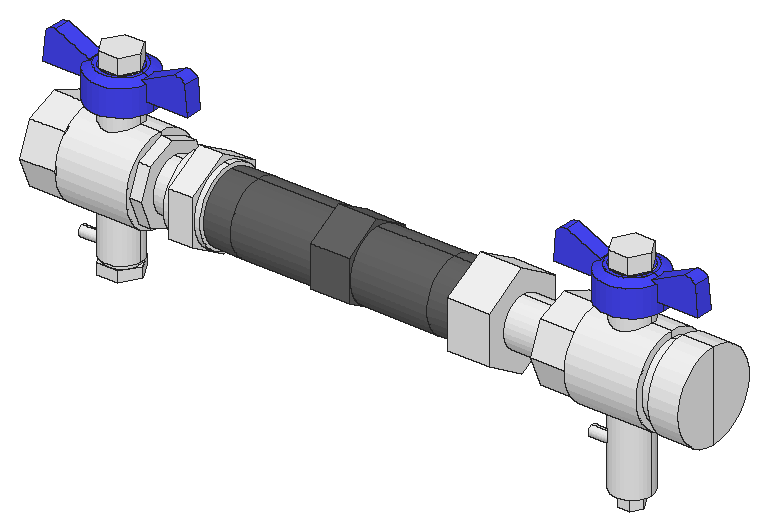
Revit family "AB-PM_DN15-25_Horizontal_Part B_RFA_1", category Pipe Accessories, Revit 2019
Family settings
  Round Connector Dimension = Use Diameter
  Part Type = Valve - Breaks Into
  OmniClass Number = 23.65.55.14.17
  OmniClass Title = Adjusting/Controlling Valves for Liquid Services
  Work Plane-Based = No
  Always vertical = No
  Cut with Voids When Loaded = No
  Shared = No
Parameters (values of type "AB-PM_DN15_Horizontal_Part B_003Z1476")
  h31 = 58.600 mm
  h3 = 90.100 mm
  h2 = 97.000 mm
  h1 = 68.000 mm
  Weight = 1.55 kg
  URL = "https://store.danfoss.com/en/Climate-Solutions-for-heating/Hydronic-Balancing-and-Control/Differential-Pressure-Control/Differential-Pressure-Controllers/AB-PM/c/11379?q=%3Arelevance%3Adanfoss_producttypehierarchydesc%3A5ca1ec32165693eab7b9a66f5b60ef1fc8cf0755&page=0&pageSize=20"
  Stroke = "2.25 mm"
  Replacement piece = Replacement piece : 15
  Pressure Drop [instance] = 0.0 Pa
  Nominal Pressure = "PN 16"  # constant formula
  Nominal Flow (Text) = "300 l/h"
  Nominal Flow = 0.3 m³/h
  Model Type = "AB-PM_DN15_Horizontal_Part B"
  Model = "003Z1476"
  Min Medium Temperature = "-10 °C"  # constant formula
  Min Differential Pressure = "18 kPa"
  Max Pressure at Zero Load = "22 kPa"
  Max Medium Temperature = "120 °C"  # constant formula
  Max Differential Pressure = "400 kPa"  # constant formula
  Manufacturer = "Danfoss"  # constant formula
  LOD 350 = not(LOD 200)  # yes
  LOD 200 = no
  L = h1 + h2 + h3  # 255.100 mm
  IfcExportType = "AB-PM"  # constant formula
  IfcExportAs = "IfcValveType"  # constant formula
  H = 89.700 mm
  Flow [instance] = 0.0 m³/h
  Disable Notification [instance] = yes
  Description = "Automatic Balancing Valve (Connection set)"  # constant formula
  DN out = 25.000 mm  # constant formula
  DN = 20 mm
  D = DN  # 20.000 mm
  Body Material = Danfoss Nickel Plated Brass
  Ball valve type 2 = Valve_2 : DN_15
  Ball valve type = Valve_H_B : DN_15
Reference planes
  plane 1 "Center (Front/Back)": y = 0
  plane 2: z = 0
  plane 3 "Center (Left/Right)": x = 0
  plane 4 "01": x = 68
  plane 5 "02": x = 165
  plane 6 "03": x = 255.1
Lines and regions (mm)
  reference lines
    curve 1: line (0, 0, 0) -> (255.1, 0, 0)
Dimensions and locks
  "h1": plane 4 "01" to plane 3 "Center (Left/Right)"
  "h2": plane 5 "02" to plane 4 "01"
  "h3": plane 6 "03" to plane 5 "02"
  "h31": nested 3 to plane 5 "02"
  aligned and locked: level to plane 2
  aligned and locked: nested 1 to level
  aligned and locked: plane 3 "Center (Left/Right)" to curve 1
  aligned and locked: plane 6 "03" to curve 1
  aligned and locked: plane 1 "Center (Front/Back)" to curve 1
  aligned and locked: nested 2 to plane 1 "Center (Front/Back)"
  aligned and locked: level to nested 2
  aligned and locked: nested 1 to plane 3 "Center (Left/Right)"
Nested families
  nested 1: "Valve_H_B" at (26, 0, 0) x (-1, 0, 0) z (0, 1, 0), Ball valve <- "Body Material", type <- "Ball valve type", LOD 200 <- "LOD 200", type "DN_15"
    with LOD 350 yes, LOD 200 no, Ball valve handle Danfoss Plastic Blue, Ball valve Danfoss Nickel Plated Brass
  nested 2: "Replacement piece" at (68, 0, 0) x (0, 0, 1) z (1, 0, 0), LOD 200 <- "LOD 200", type <- "Replacement piece", type "15"
    with LOD 350 yes, LOD 200 no, h4 42.000 mm, h5 11.000 mm, h3 87.000 mm, h2 97.000 mm, h1 15.000 mm, a3 27.000 mm, a2 13.400 mm, a1 13.221 mm
  nested 3: "Valve_2" at (223.6, 0, 0) x (1, 0, 0) z (0, -1, 0), type <- "Ball valve type 2", Ball valve <- "Body Material", LOD 200 <- "LOD 200", type "DN_15"
    with LOD 350 yes, LOD 200 no, Ball valve handle Danfoss Plastic Blue, Ball valve Danfoss Nickel Plated Brass
Connectors
  piping at (0, 0, 0), diameter 20, driven by "D", driven by "Flow", driven by "Pressure Drop"
    settings: on curve 1, index 1, connector inside diameter 609.6 mm, connector length 0.000 mm, flow factor 0, pipe flow 0.0 m³/h, pressure drop 0.0 Pa, fitting loss kfactor 0, connector angle 0.00°, fixture units 0, engagement length 0.000 mm, angle of deflection 0.00°, flow configuration 0, flow direction 2, fitting loss method 0, system type 8, joint type 0, gender type 0, connector reference index 2, connector utility 0, adjustable connector no, is connector primary yes, connector description ""
  piping at (255.1, 0, 0), diameter 25, driven by "DN out", driven by "Flow", driven by "Pressure Drop"
    settings: on curve 1, index 2, connector inside diameter 609.6 mm, connector length 0.000 mm, flow factor 0, pipe flow 0.0 m³/h, pressure drop 0.0 Pa, fitting loss kfactor 0, connector angle 0.00°, fixture units 0, engagement length 0.000 mm, angle of deflection 0.00°, flow configuration 0, flow direction 1, fitting loss method 0, system type 8, joint type 0, gender type 0, connector reference index 1, connector utility 0, adjustable connector no, is connector primary no, connector description ""
Definition of nested family "Valve_H_B"
  Parameters (values of type "DN_25")
    x = 0.000 mm
    r7 = 8.500 mm
    r6 = 13.000 mm
    r5 = 18.000 mm
    r4 = 15.500 mm
    r3 = 9.000 mm
    r2 = 14.300 mm
    r1 = 7.500 mm
    l4 = 12.200 mm
    l3 = 24.500 mm
    l2 = 11.650 mm
    l1 = 15.750 mm
    Valve_Handle_Type = Valve_Handle_H_B : 25
    Nar5 = 18.750 mm
    Nah6 = 5.000 mm
    Nah52 = 10.000 mm
    Nah4 = 3.500 mm
    Nah3 = 6.800 mm
    Nah2 = 17.000 mm
    Nah51 = 4.000 mm
    Na6 = 32.000 mm
    Na5 = 37.500 mm
    Na4 = 14.000 mm
    Na3 = 13.000 mm
    Na2 = 37.000 mm
    LOD 350 [instance] = not(LOD 200)  # yes
    LOD 200 [instance] = no
    L11 = 14.100 mm
    L1 = 62.600 mm
    H1 = 42.000 mm
    Default Elevation = 1219.200 mm
    D1 = 15.000 mm  # constant formula
    Ball valve handle [instance] = none
    Ball valve [instance] = none
  Types (3, lengths in mm): name | x | r7 | r6 | r5 | r4 | r2 | l3 | l2 | l1 | Valve_Handle_Type | Nar5 | Nah52 | Nah4 | Nah3 | Nah2 | Nah51 | Na6 | Na5 | Na2 | L11 | L1 | H1
    DN_15 | 4.000 | 9.800 | 12.500 | 16.500 | 10.000 | 12.500 | 22.600 | 12.900 | 15.000 | Valve_Handle_H_B : 15 | 14.500 | 9.100 | 4.000 | 5.800 | 13.500 | 2.500 | 28.000 | 30.000 | 30.488 | 8.000 | 60.000 | 26.400
    DN_20 | 1.500 | 9.800 | 12.500 | 16.500 | 12.700 | 12.500 | 22.629 | 12.400 | 15.500 | Valve_Handle_H_B : 20 | 14.500 | 9.100 | 4.000 | 5.800 | 13.500 | 2.500 | 28.000 | 30.000 | 30.488 | 13.000 | 55.000 | 34.600
    DN_25 | 0.000 | 8.500 | 13.000 | 18.000 | 15.500 | 14.300 | 24.500 | 11.650 | 15.750 | Valve_Handle_H_B : 25 | 18.750 | 10.000 | 3.500 | 6.800 | 17.000 | 4.000 | 32.000 | 37.500 | 37.000 | 14.100 | 62.600 | 42.000
  Reference planes
    plane 1 "Center (Front/Back)": y = 0
    plane 2: z = 0
    plane 3 "Center (Left/Right)": x = 0
    plane 4 "001": x = 14.3
    plane 5 "004": x = -27.4
    plane 6 "002": y = -36.8
    plane 7 "valve handle": y = 24.5
    plane 8 "003": y = 36.7
    plane 9 "005": x = -15.75
    plane 10 "006": x = 13
  Forms (mm)
    Revolve 1, solid, material <- "Ball valve", visible <- "LOD 350", detail levels fine
      sketch origin (0, 0, 0) x (1, 0, 0) y (0, 1, 0)
        loop
          line (0, 36.7) -> (0, -33.3) -> (6.5, -33.3) -> (6.5, -31.3) -> (7.5, -31.3) -> (7.5, 36.7) -> (0, 36.7)
        axis (0, -33.3) -> (0, 36.7)
      angle from 0 to 360
    Revolve 2, solid, material <- "Ball valve", visible <- "LOD 350", detail levels fine
      sketch origin (0, 0, 0) x (1, 0, 0) y (0, 1, 0)
        loop
          line (-27.4, 15.5) -> (-27.4, 0) -> (14.3, 0) -> (14.3, 18) -> (-15.75, 18) -> (-15.75, 15.5) -> (-27.4, 15.5)
        axis (-27.4, 0) -> (14.3, 0)
      angle from 0 to 360
    Revolve 3, solid, material <- "Ball valve", visible <- "LOD 200", detail levels fine
      sketch origin (0, 0, 0) x (1, 0, 0) y (0, 1, 0)
        loop
          line (0, -36.8) -> (7.5, -36.8) -> (7.5, 36.7) -> (0, 36.7) -> (0, -36.8)
        axis (0, 36.7) -> (0, -36.8)
      angle from 0 to 360
    Revolve 4, solid, material <- "Ball valve", visible <- "LOD 200", detail levels fine
      sketch origin (0, 0, 0) x (1, 0, 0) y (0, 1, 0)
        loop
          line (14.3, 18) -> (-15.75, 18) -> (-15.75, 15.5) -> (-27.4, 15.5) -> (-27.4, 0) -> (14.3, 0) -> (14.3, 18)
        axis (14.3, 0) -> (-27.4, 0)
      angle from 0 to 360
    Revolve 5, solid, material <- "Ball valve", visible <- "LOD 350", detail levels fine
      sketch origin (0, 0, 0) x (1, 0, 0) y (0, 1, 0)
        loop
          line (15, -28.302) -> (15, -26.3) -> (0, -26.3) -> (0, -28.302) -> (15, -28.302)
        axis (0, -28.302) -> (15, -28.302)
      angle from 0 to 360
  Cuts and joins
    joined: Revolve 1, Revolve 2, Revolve 5
    joined: Revolve 3, Revolve 4
  Dimensions and locks
    "r1": plane 3 "Center (Left/Right)" to Revolve 1 sketch curve
    "l3": plane 1 "Center (Front/Back)" to plane 7 "valve handle"
    plane 6 "002" to Revolve 1 sketch curve = 3.500 mm
    plane 6 "002" to Revolve 1 sketch curve = 5.500 mm
    locked: Revolve 1 sketch curve to Revolve 1 sketch curve at 1
    "l4": plane 7 "valve handle" to plane 8 "003"
    "r5": plane 1 "Center (Front/Back)" to Revolve 2 sketch curve
    "r4": plane 1 "Center (Front/Back)" to Revolve 2 sketch curve
    "r2": plane 3 "Center (Left/Right)" to plane 4 "001"
    "l1": plane 9 "005" to plane 3 "Center (Left/Right)"
    "r5": plane 1 "Center (Front/Back)" to Revolve 4 sketch curve
    "r4": Revolve 4 sketch curve to plane 1 "Center (Front/Back)"
    "l2": plane 5 "004" to plane 9 "005"
    "r6": plane 3 "Center (Left/Right)" to plane 10 "006"
    "r1": plane 3 "Center (Left/Right)" to Revolve 3 sketch curve
    locked: plane 3 "Center (Left/Right)" to Revolve 5 sketch curve at 15
    plane 6 "002" to Revolve 5 sketch curve to Revolve 5 sketch curve = 8.498 mm locked, 2.002 mm locked
    "x": nested 6 to plane 3 "Center (Left/Right)"
    aligned and locked: level to plane 2
    aligned and locked: level to nested 1
    aligned and locked: nested 1 to plane 1 "Center (Front/Back)"
    aligned and locked: plane 3 "Center (Left/Right)" to nested 3
    aligned and locked: level to nested 3
    aligned and locked: plane 3 "Center (Left/Right)" to nested 2
    aligned and locked: plane 6 "002" to nested 2
    aligned and locked: level to nested 2
    aligned and locked: plane 1 "Center (Front/Back)" to nested 4
    aligned and locked: nested 4 to plane 2
    aligned and locked: nested 5 to plane 1 "Center (Front/Back)"
    aligned and locked: nested 5 to plane 2
    aligned and locked: Revolve 3 sketch curve to plane 3 "Center (Left/Right)"  (x2)
    aligned and locked: plane 6 "002" to Revolve 3 sketch curve
    aligned and locked: Revolve 3 sketch curve to plane 8 "003"
    aligned and locked: Revolve 4 sketch curve to plane 1 "Center (Front/Back)"
    aligned and locked: plane 1 "Center (Front/Back)" to Revolve 4 sketch curve
    aligned and locked: Revolve 4 sketch curve to plane 4 "001"
    aligned and locked: plane 5 "004" to Revolve 4 sketch curve
    aligned and locked: Revolve 4 sketch curve to plane 9 "005"
    aligned and locked: plane 3 "Center (Left/Right)" to Revolve 5 sketch curve
    aligned and locked: plane 1 "Center (Front/Back)" to nested 6
    aligned and locked: plane 3 "Center (Left/Right)" to nested 7
    aligned and locked: level to nested 7
  Automatic sketch dimensions
    Revolve 5 sketch curve to Revolve 5 sketch curve = 0.000 mm  (x2)
    Revolve 5 sketch curve to Revolve 5 sketch curve = 3.500 mm
    Revolve 1 sketch curve to plane 3 "Center (Left/Right)" = 0.000 mm  (x2)
    plane 8 "003" to Revolve 1 sketch curve = 0.000 mm
    Revolve 1 sketch curve to Revolve 1 sketch curve = 37.300 mm
    Revolve 1 sketch curve to Revolve 1 sketch curve = 9.000 mm
    Revolve 2 sketch curve to plane 5 "004" = 0.000 mm
    Revolve 2 sketch curve to plane 9 "005" = 0.000 mm
    Revolve 2 sketch curve to plane 4 "001" = 0.000 mm
    plane 1 "Center (Front/Back)" to Revolve 2 sketch curve = 0.000 mm  (x2)
    Revolve 2 sketch curve to Revolve 2 sketch curve = 49.800 mm
    Revolve 2 sketch curve to Revolve 2 sketch curve = 7.000 mm
    Revolve 3 sketch curve to Revolve 3 sketch curve = 33.000 mm
    Revolve 3 sketch curve to Revolve 3 sketch curve = 6.000 mm
    Revolve 4 sketch curve to plane 4 "001" = 63.800 mm
    Revolve 4 sketch curve to Revolve 4 sketch curve = 6.000 mm
  Nested families
    nested 1: "Nut_8" at (14.3, 0, 0) x (0, 0, 1) z (1, 0, 0), h <- "Nah2", a <- "Na2", Material <- "Ball valve", type "Nut_8", detail levels fine
      with h 17.000 mm, a 37.000 mm, Material none
    nested 2: "Nut_6" at (0, -36.8, 0) x (1, 0, 0) z (0, 1, 0), h <- "Nah4", a <- "Na4", visible <- "LOD 350", Material <- "Ball valve", type "Nut_6", detail levels fine
      with h 3.500 mm, a 14.000 mm, Material none
    nested 3: "Nut_6" at (0, 36.7, 0) x (1, 0, 0) z (0, 1, 0), h <- "Nah3", a <- "Na3", Material <- "Ball valve", type "Nut_6", detail levels fine
      with h 6.800 mm, a 13.000 mm, Material none
    nested 4: "Nut_6_Rim" at (-27.4, 0, 0) x (0, -1, 0) z (-1, 0, 0), h1 <- "Nah51", h <- "Nah52", a <- "Na5", r <- "Nar5", Material <- "Ball valve", type "Nut_6_Rim", detail levels fine
      with r 18.750 mm, h1 4.000 mm, h 10.000 mm, a 37.500 mm, Material none
    nested 5: "Nut_8" at (-15.75, 0, 0) x (0, 1, 0) z (-1, 0, 0), h <- "Nah6", visible <- "LOD 350", a <- "Na6", Material <- "Ball valve", type "Nut_8", detail levels fine
      with h 5.000 mm, a 32.000 mm, Material none
    nested 6: "Schematic_Valve" at (0, 0, 0), D <- "D1", H <- "H1", L <- "L1", L1 <- "L11", type "Schematic_Valve"
      with L1 14.100 mm, L 62.600 mm, H 42.000 mm, D 15.000 mm
    nested 7: "Valve_Handle_H_B" at (0, 24.5, 0) x (1, 0, 0) z (0, 1, 0), Material <- "Ball valve handle", type <- "Valve_Handle_Type", LOD 200 <- "LOD 200", type "25"
      with Material none, LOD 350 yes, LOD 200 no, 25_350 yes, 25_200 no, 20_350 no, 20_200 no, 15_350 no, 15_200 no
  Definition of nested family "Nut_8"
    Parameters (values of type "Nut_8")
      h [instance] = 250.000 mm
      a [instance] = 244.000 mm
      Material [instance] = none
      Default Elevation = 1219.200 mm
    Reference planes
      plane 1 "Center (Front/Back)": y = 0
      plane 2: z = 0
      plane 3 "Center (Left/Right)": x = 0
      plane 4: through (-89.449, 215.949, 1200) normal (0.9239, 0.3827, 0)
      plane 5: through (215.949, 89.449, 1200) normal (0.3827, -0.9239, 0)
      plane 6: through (-215.949, 89.449, 1200) normal (0.3827, 0.9239, 0)
      plane 7: through (89.449, 215.949, 1200) normal (0.9239, -0.3827, 0)
    Forms (mm)
      Extrusion 1, solid, material <- "Material"
        sketch origin (0, 0, 0) x (1, 0, 0) y (0, 1, 0)
          loop
            line (0, 132.052) -> (-93.375, 93.375) -> (-132.052, 0) -> (-93.375, -93.375) -> (0, -132.052) -> (93.375, -93.375) -> (132.052, 0) -> (93.375, 93.375) -> (0, 132.052)
        from 0 to 250 <- "h"
    Dimensions and locks
      equal spacing: Extrusion 1 sketch curve, plane 4, Extrusion 1 sketch curve
      "a": Extrusion 1 sketch curve to Extrusion 1 sketch curve  (x4)
      equal spacing: Extrusion 1 sketch curve, plane 7, Extrusion 1 sketch curve
      equal spacing: Extrusion 1 sketch curve, plane 5, Extrusion 1 sketch curve
      equal spacing: Extrusion 1 sketch curve, plane 6, Extrusion 1 sketch curve
      aligned and locked: level to plane 2
  Definition of nested family "Nut_6"
    Parameters (values of type "Nut_6")
      h [instance] = 250.000 mm
      a [instance] = 13.000 mm
      Material [instance] = none
      Default Elevation = 1219.200 mm
    Reference planes
      plane 1 "Center (Front/Back)": y = 0
      plane 2: z = 0
      plane 3 "Center (Left/Right)": x = 0
      plane 4: through (-70.437, 122, 1200) normal (0.866, 0.5, 0)
      plane 5: through (70.437, 122, 1200) normal (0.866, -0.5, 0)
    Forms (mm)
      Extrusion 1, solid, material <- "Material"
        sketch origin (0, 0, 0) x (1, 0, 0) y (0, 1, 0)
          loop
            line (-3.753, 6.5) -> (-7.506, 0) -> (-3.753, -6.5) -> (3.753, -6.5) -> (7.506, 0) -> (3.753, 6.5) -> (-3.753, 6.5)
        from 0 to 250 <- "h"
    Dimensions and locks
      equal spacing: Extrusion 1 sketch curve, plane 4, Extrusion 1 sketch curve
      "a": Extrusion 1 sketch curve to Extrusion 1 sketch curve  (x3)
      equal spacing: Extrusion 1 sketch curve, plane 5, Extrusion 1 sketch curve
      equal spacing: Extrusion 1 sketch curve, plane 1 "Center (Front/Back)", Extrusion 1 sketch curve
      aligned and locked: level to plane 2
  Definition of nested family "Nut_6_Rim"
    Parameters (values of type "Nut_6_Rim")
      r [instance] = 4.000 mm
      h1 [instance] = 5.000 mm
      h [instance] = 18.265 mm
      a [instance] = 13.000 mm
      Material [instance] = none
      Default Elevation = 1219.200 mm
    Reference planes
      plane 1 "Center (Front/Back)": y = 0
      plane 2: z = 0
      plane 3 "Center (Left/Right)": x = 0
      plane 4: through (-70.437, 122, 1200) normal (0.866, 0.5, 0)
      plane 5: through (70.437, 122, 1200) normal (0.866, -0.5, 0)
      plane 6: z = 23.265
      plane 7: z = 28.265
      plane 8: z = 5
    Forms (mm)
      Extrusion 1, solid, material <- "Material"
        sketch origin (0, 0, 0) x (1, 0, 0) y (0, 1, 0)
          loop
            line (-3.753, 6.5) -> (-7.506, 0) -> (-3.753, -6.5) -> (3.753, -6.5) -> (7.506, 0) -> (3.753, 6.5) -> (-3.753, 6.5)
        from 5 to 23.265
      Extrusion 2, solid, material <- "Material"
        sketch origin (0, 0, 0) x (1, 0, 0) y (0, 1, 0)
          loop
            circle (0, 0) r 4
        from 0 to 28.265
    Cuts and joins
      joined: Extrusion 1, Extrusion 2
    Dimensions and locks
      equal spacing: Extrusion 1 sketch curve, plane 4, Extrusion 1 sketch curve
      "a": Extrusion 1 sketch curve to Extrusion 1 sketch curve  (x3)
      equal spacing: Extrusion 1 sketch curve, plane 5, Extrusion 1 sketch curve
      equal spacing: Extrusion 1 sketch curve, plane 1 "Center (Front/Back)", Extrusion 1 sketch curve
      "h1": plane 7 to plane 6
      "h": plane 6 to plane 8
      "h1": plane 8 to level
      "r": radius of Extrusion 2 sketch curve
      aligned and locked: level to plane 2
      aligned and locked: Extrusion 2 to plane 7
      aligned and locked: Extrusion 2 to level
      aligned and locked: plane 8 to Extrusion 1
      aligned and locked: Extrusion 1 to plane 6
    Automatic sketch dimensions
      plane 1 "Center (Front/Back)" to Extrusion 2 sketch curve = 0.000 mm
      Extrusion 2 sketch curve to plane 3 "Center (Left/Right)" = 0.000 mm
  Definition of nested family "Valve_Handle_H_B"
    Parameters (values of type "25")
      type = 25
      l1 = 12.300 mm
      h1 = 12.200 mm
      Material [instance] = none
      LOD 350 [instance] = not(LOD 200)  # no
      LOD 200 [instance] = yes
      Default Elevation = 1219.200 mm
      25_350 [instance] = and(LOD 350, type = 25)  # no
      25_200 [instance] = and(LOD 200, type = 25)  # yes
      20_350 [instance] = and(LOD 350, type = 20)  # no
      20_200 [instance] = and(LOD 200, type = 20)  # no
      15_350 [instance] = and(LOD 350, type = 15)  # no
      15_200 [instance] = and(LOD 200, type = 15)  # no
    Types (3, lengths in mm): name | type | LOD 350 | LOD 200 | 25_200 | 20_200 | 15_350
      15 | 15 | yes | no | no | no | yes
      20 | 20 | no | yes | no | yes | no
      25 | 25 | no | yes | yes | no | no
    Reference planes
      plane 1 "Center (Front/Back)": y = 0
      plane 2: z = 0
      plane 3 "Center (Left/Right)": x = 0
    Forms (mm)
      Revolve 1, solid, material <- "Material", visible <- "LOD 200", detail levels fine
        sketch origin (0, 0, 0) x (1, 0, 0) y (0, 0, 1)
          loop
            line (0, 12.2) -> (-12.3, 12.2) -> (-12.3, 0) -> (0, 0) -> (0, 12.2)
          axis (0, 0) -> (0, 12.2)
        angle from 0 to 360
      Revolve 2, solid, material <- "Material", visible <- "LOD 350", detail levels fine
        sketch origin (0, 0, 0) x (1, 0, 0) y (0, 0, 1)
          loop
            line (0, 12.2) -> (-8.961, 12.2) -> (-12.3, 10.362) -> (-12.3, 0) -> (0, 0) -> (0, 12.2)
          axis (0, 0) -> (0, 12.2)
        angle from 0 to 360
      Extrusion 3, solid, material <- "Material", visible <- "15_200", detail levels fine
        sketch origin (0, 0, 0) x (1, 0, 0) y (0, 0, 1)
          loop
            line (-28, 4.5) -> (28, 4.5) -> (26.712, 19.225) -> (11.595, 12.2) -> (-11.634, 12.2) -> (-26.711, 19.231) -> (-28, 4.5)
        from -3 to 3
      Extrusion 4, solid, material <- "Material", visible <- "15_350", detail levels fine
        sketch origin (0, 0, 0) x (1, 0, 0) y (0, 0, 1)
          loop
            arc (-23, 17.5) -> (-25.268, 16.956) -> (-27.043, 15.442) r 5
            line (-27.043, 15.442) -> (-28, 4.5) -> (28, 4.5) -> (27.043, 15.442)
            arc (27.043, 15.442) -> (25.268, 16.956) -> (23, 17.5) r 5
            line (23, 17.5) -> (10.146, 11.527) -> (-10.19, 11.527) -> (-23, 17.5)
        from -3 to 3
      Extrusion 5, solid, material <- "Material", visible <- "20_200", detail levels fine
        sketch origin (0, 0, 0) x (1, 0, 0) y (0, 0, 1)
          loop
            line (-11.595, 12.2) -> (-26.712, 19.225) -> (-28, 4.5) -> (28, 4.5) -> (26.712, 19.225) -> (11.595, 12.2) -> (-11.595, 12.2)
        from -3 to 3
      Extrusion 6, solid, material <- "Material", visible <- "20_350", detail levels fine
        sketch origin (0, 0, 0) x (1, 0, 0) y (0, 0, 1)
          loop
            line (-28, 4.5) -> (28, 4.5) -> (27.043, 15.442)
            arc (27.043, 15.442) -> (25.268, 16.956) -> (23, 17.5) r 5
            line (23, 17.5) -> (10.167, 11.536) -> (8.961, 12.2) -> (-8.961, 12.2) -> (-10.167, 11.536) -> (-23, 17.5)
            arc (-23, 17.5) -> (-25.268, 16.956) -> (-27.043, 15.442) r 5
            line (-27.043, 15.442) -> (-28, 4.5)
        from -3 to 3
      Extrusion 7, solid, material <- "Material", visible <- "25_200", detail levels fine
        sketch origin (0, 0, 0) x (1, 0, 0) y (0, 0, 1)
          loop
            line (-8.734, 12.2) -> (-26.64, 20.549) -> (-28.044, 4.5) -> (28.044, 4.5) -> (26.64, 20.549) -> (8.734, 12.2) -> (-8.734, 12.2)
        from -3 to 3
      Extrusion 8, solid, material <- "Material", visible <- "25_350", detail levels fine
        sketch origin (0, 0, 0) x (1, 0, 0) y (0, 0, 1)
          loop
            line (-8.734, 12.2) -> (-20.168, 17.532)
            arc (-20.168, 17.532) -> (-24.781, 17.33) -> (-27.262, 13.436) r 5
            line (-27.262, 13.436) -> (-28.044, 4.5) -> (28.044, 4.5) -> (27.262, 13.436)
            arc (27.262, 13.436) -> (24.781, 17.33) -> (20.168, 17.532) r 5
            line (20.168, 17.532) -> (8.734, 12.2) -> (-8.734, 12.2)
        from -3 to 3
    Dimensions and locks
      "l1": plane 3 "Center (Left/Right)" to Revolve 1 sketch curve
      "h1": Revolve 1 sketch curve to level
      "l1": plane 3 "Center (Left/Right)" to Revolve 2 sketch curve
      "h1": Revolve 2 sketch curve to level
      aligned and locked: level to plane 2
      aligned and locked: plane 3 "Center (Left/Right)" to Revolve 1 sketch curve
      aligned and locked: Revolve 1 sketch curve to plane 3 "Center (Left/Right)"
      aligned and locked: Revolve 1 sketch curve to level
    Automatic sketch dimensions
      level to Extrusion 3 sketch curve = 4.500 mm
      Extrusion 3 sketch curve to plane 3 "Center (Left/Right)" = 28.000 mm
      Extrusion 3 sketch curve to Extrusion 3 sketch curve = 1.289 mm
      plane 3 "Center (Left/Right)" to Extrusion 3 sketch curve = 26.712 mm
      Extrusion 3 sketch curve to Extrusion 3 sketch curve = 1.288 mm
      Extrusion 3 sketch curve to Extrusion 3 sketch curve = 14.725 mm
      Extrusion 3 sketch curve to Extrusion 3 sketch curve = 14.731 mm
      Extrusion 3 sketch curve to plane 3 "Center (Left/Right)" = 11.634 mm
      plane 3 "Center (Left/Right)" to Extrusion 3 sketch curve = 11.595 mm
      level to Extrusion 3 sketch curve = 12.200 mm
      level to Extrusion 7 sketch curve = 4.500 mm
      Extrusion 7 sketch curve to plane 3 "Center (Left/Right)" = 28.044 mm
      Extrusion 7 sketch curve to Extrusion 7 sketch curve = 1.404 mm  (x2)
      Extrusion 7 sketch curve to plane 3 "Center (Left/Right)" = 8.734 mm
      plane 3 "Center (Left/Right)" to Extrusion 7 sketch curve = 26.640 mm
      level to Extrusion 7 sketch curve = 12.200 mm
      Extrusion 7 sketch curve to Extrusion 7 sketch curve = 16.049 mm  (x2)
      plane 3 "Center (Left/Right)" to Extrusion 7 sketch curve = 8.734 mm
      level to Extrusion 8 sketch curve = 4.500 mm
      Extrusion 8 sketch curve to plane 3 "Center (Left/Right)" = 28.044 mm
      level to Extrusion 8 sketch curve = 13.436 mm  (x2)
      Extrusion 8 sketch curve to Extrusion 8 sketch curve = 0.782 mm  (x2)
      Extrusion 8 sketch curve to Extrusion 8 sketch curve = 4.981 mm  (x2)
      Extrusion 8 sketch curve to Extrusion 8 sketch curve = 2.113 mm  (x2)
      Extrusion 8 sketch curve to plane 3 "Center (Left/Right)" = 8.734 mm
      plane 3 "Center (Left/Right)" to Extrusion 8 sketch curve = 20.168 mm
      level to Extrusion 8 sketch curve = 12.200 mm
      Extrusion 8 sketch curve to Extrusion 8 sketch curve = 0.436 mm  (x2)
      plane 3 "Center (Left/Right)" to Extrusion 8 sketch curve = 8.734 mm
      level to Extrusion 4 sketch curve = 4.500 mm
      Extrusion 4 sketch curve to Extrusion 4 sketch curve = 0.957 mm
      Extrusion 4 sketch curve to Extrusion 4 sketch curve = 4.043 mm
      plane 3 "Center (Left/Right)" to Extrusion 4 sketch curve = 10.146 mm
      Extrusion 4 sketch curve to Extrusion 4 sketch curve = 12.854 mm
      Extrusion 4 sketch curve to Extrusion 4 sketch curve = 0.000 mm
      level to Extrusion 4 sketch curve = 15.442 mm
      Extrusion 4 sketch curve to Extrusion 4 sketch curve = 4.042 mm
      Extrusion 4 sketch curve to Extrusion 4 sketch curve = 5.000 mm
      Extrusion 4 sketch curve to Extrusion 4 sketch curve = 2.942 mm  (x2)
      Extrusion 4 sketch curve to Extrusion 4 sketch curve = 8.000 mm
      Extrusion 4 sketch curve to plane 3 "Center (Left/Right)" = 10.190 mm
      Extrusion 4 sketch curve to Extrusion 4 sketch curve = 12.810 mm
      level to Extrusion 4 sketch curve = 11.527 mm
      level to Extrusion 6 sketch curve = 4.500 mm
      Extrusion 6 sketch curve to plane 3 "Center (Left/Right)" = 28.000 mm
      Extrusion 6 sketch curve to Extrusion 6 sketch curve = 0.957 mm
      Extrusion 6 sketch curve to Extrusion 6 sketch curve = 4.042 mm  (x2)
      Extrusion 6 sketch curve to Extrusion 6 sketch curve = 0.000 mm  (x2)
      Extrusion 6 sketch curve to plane 3 "Center (Left/Right)" = 10.167 mm
      Extrusion 6 sketch curve to Extrusion 6 sketch curve = 1.206 mm  (x2)
      plane 3 "Center (Left/Right)" to Extrusion 6 sketch curve = 10.167 mm
      Extrusion 6 sketch curve to Extrusion 6 sketch curve = 12.833 mm
      Extrusion 6 sketch curve to Extrusion 6 sketch curve = 5.000 mm
      level to Extrusion 6 sketch curve = 11.536 mm  (x2)
      Extrusion 6 sketch curve to Extrusion 6 sketch curve = 0.664 mm
      Extrusion 6 sketch curve to Extrusion 6 sketch curve = 8.000 mm  (x2)
      Extrusion 6 sketch curve to Extrusion 6 sketch curve = 2.942 mm  (x2)
      level to Extrusion 5 sketch curve = 4.500 mm
      Extrusion 5 sketch curve to plane 3 "Center (Left/Right)" = 28.000 mm
      Extrusion 5 sketch curve to Extrusion 5 sketch curve = 1.288 mm  (x2)
      Extrusion 5 sketch curve to plane 3 "Center (Left/Right)" = 11.595 mm
      plane 3 "Center (Left/Right)" to Extrusion 5 sketch curve = 26.712 mm
      level to Extrusion 5 sketch curve = 12.200 mm
      Extrusion 5 sketch curve to Extrusion 5 sketch curve = 14.725 mm  (x2)
      plane 3 "Center (Left/Right)" to Extrusion 5 sketch curve = 11.595 mm
      Revolve 1 sketch curve to Revolve 1 sketch curve = 17.800 mm
      Revolve 1 sketch curve to Revolve 1 sketch curve = 4.000 mm
      Revolve 2 sketch curve to level = 0.000 mm
      Revolve 2 sketch curve to plane 3 "Center (Left/Right)" = 0.000 mm  (x2)
      Revolve 2 sketch curve to Revolve 2 sketch curve = 3.339 mm
      Revolve 2 sketch curve to Revolve 2 sketch curve = 1.838 mm
      Revolve 2 sketch curve to Revolve 2 sketch curve = 17.800 mm
      Revolve 2 sketch curve to Revolve 2 sketch curve = 4.000 mm
  Definition of nested family "Schematic_Valve"
    Parameters (values of type "Schematic_Valve")
      L1 [instance] = 10.000 mm
      L [instance] = 68.000 mm
      H [instance] = 40.000 mm
      D [instance] = 16.000 mm
    Reference planes
      plane 1 "Center (Front/Back)": y = 0
      plane 2: z = 0
      plane 3 "Center (Left/Right)": x = 0
      plane 4: x = -34
      plane 5: x = 34
      plane 6: y = 20
      plane 7: y = -20
      plane 8: z = 20
      plane 9: z = -20
    Lines and regions (mm)
      model lines, detail levels coarse+medium
        curve 1: circle (0, 0, 0) r 8 normal (0, 0, 1)
        curve 4: line (-34, -20, 0) -> (-34, 20, 0)
        curve 5: line (-34, 20, 0) -> (-6.895, 4.056, 0)
        curve 6: line (-34, -20, 0) -> (-6.895, -4.056, 0)
        curve 7: line (6.895, 4.056, 0) -> (34, 20, 0)
        curve 8: line (34, 20, 0) -> (34, -20, 0)
        curve 9: line (34, -20, 0) -> (6.895, -4.056, 0)
        curve 10: line (-34, 0, 0) -> (-44, 0, 0)
      reference lines
        curve 2: line (-34, 20, 0) -> (34, -20, 0)
        curve 3: line (34, 20, 0) -> (-34, -20, 0)
        curve 11: line (-34, 0, 20) -> (34, 0, -20)
        curve 12: line (34, 0, 20) -> (-34, 0, -20)
      symbolic lines, detail levels coarse+medium
        curve 13: circle (0, 0, 0) r 8 normal (0, -1, 0)
        curve 14: line (-6.895, 0, -4.056) -> (-34, 0, -20)
        curve 15: line (-34, 0, -20) -> (-34, 0, 20)
        curve 16: line (-34, 0, 20) -> (-6.895, 0, 4.056)
        curve 17: line (6.895, 0, -4.056) -> (34, 0, -20)
        curve 18: line (34, 0, -20) -> (34, 0, 20)
        curve 19: line (34, 0, 20) -> (6.895, 0, 4.056)
    Dimensions and locks
      equal spacing: plane 4, plane 3 "Center (Left/Right)", plane 5
      equal spacing: plane 6, plane 1 "Center (Front/Back)", plane 7
      "L": plane 4 to plane 5
      "H": plane 6 to plane 7
      "L1": curve 10 to plane 4
      equal spacing: plane 8, level, plane 9
      "H": plane 8 to plane 9
      "D": diameter of curve 1
      "D": diameter of curve 13
      aligned and locked: level to plane 2
      aligned and locked: plane 4 to curve 2
      aligned and locked: plane 6 to curve 2
      aligned and locked: plane 5 to curve 3
      aligned and locked: plane 6 to curve 3
      aligned and locked: plane 7 to curve 2
      aligned and locked: plane 5 to curve 2
      aligned and locked: plane 4 to curve 3
      aligned and locked: plane 7 to curve 3
      aligned and locked: curve 5 to curve 2
      aligned and locked: curve 6 to curve 3
      aligned and locked: curve 9 to curve 2
      aligned and locked: curve 7 to curve 3
      aligned and locked: curve 10 to plane 1 "Center (Front/Back)"
      aligned and locked: plane 8 to curve 11
      aligned and locked: plane 4 to curve 11
      aligned and locked: plane 5 to curve 11
      aligned and locked: plane 9 to curve 11
      aligned and locked: plane 4 to curve 12
      aligned and locked: plane 9 to curve 12
      aligned and locked: plane 5 to curve 12
      aligned and locked: plane 8 to curve 12
      aligned and locked: curve 12 to curve 14
      aligned and locked: curve 16 to curve 11
      aligned and locked: curve 19 to curve 12
      aligned and locked: curve 11 to curve 17
    Automatic sketch dimensions
      curve 15 to plane 4 = 0.000 mm
      curve 13 to level = 0.000 mm
      curve 13 to plane 3 "Center (Left/Right)" = 0.000 mm
      curve 18 to plane 5 = 0.000 mm
      curve 4 to plane 4 = 0.000 mm
      plane 1 "Center (Front/Back)" to curve 1 = 0.000 mm
      curve 1 to plane 3 "Center (Left/Right)" = 0.000 mm
      curve 9 to plane 5 = 0.000 mm
Definition of nested family "Replacement piece"
  Parameters (values of type "25")
    h4 = 46.800 mm
    h5 = 7.800 mm
    h3 = 103.800 mm
    h2 = 114.100 mm
    h1 = 18.000 mm
    a3 = 34.000 mm
    a2 = 16.700 mm
    a1 = 16.600 mm
    Material = none
    LOD 350 [instance] = not(LOD 200)  # no
    LOD 200 [instance] = yes
    Default Elevation = 1219.200 mm
  Types (2, lengths in mm): name | h4 | h5 | h3 | h2 | h1 | a3 | a2 | a1
    15-20 | 42.000 | 11.500 | 87.500 | 99.000 | 15.000 | 27.000 | 13.400 | 13.221
    25 | 46.800 | 7.800 | 103.800 | 114.100 | 18.000 | 34.000 | 16.700 | 16.600
  Reference planes
    plane 1 "Center (Front/Back)": y = 0
    plane 2: z = 0
    plane 3 "Center (Left/Right)": x = 0
    plane 4 "001": z = 46.8
    plane 5: z = 114.1
    plane 6: z = 103.8
    plane 7: z = 7.8
  Forms (mm)
    Revolve 1, solid, material <- "Material", detail levels fine
      sketch origin (0, 0, 0) x (1, 0, 0) y (0, 0, 1)
        loop
          line (-16.7, 103.8) -> (-16.7, 61.8) -> (-16.7, 46.8) -> (-16.7, 7.8) -> (-16.6, 0) -> (0, 0) -> (0, 114.1) -> (-16.6, 114.1) -> (-16.7, 103.8)
        axis (0, 0) -> (0, 114.1)
      angle from 0 to 360
  Lines and regions (mm)
    model lines, detail levels coarse+medium
      curve 1: line (0, 0, 114.1) -> (0, 0, 0)
  Dimensions and locks
    "h4": plane 4 "001" to level
    "h5": plane 7 to level
    "h3": plane 6 to level
    "h2": plane 5 to level
    "a1": plane 3 "Center (Left/Right)" to Revolve 1 sketch curve  (x2)
    "a2": plane 3 "Center (Left/Right)" to Revolve 1 sketch curve  (x4)
    aligned and locked: level to plane 2
    aligned and locked: plane 3 "Center (Left/Right)" to Revolve 1 sketch curve
    aligned and locked: plane 3 "Center (Left/Right)" to nested 1
    aligned and locked: plane 1 "Center (Front/Back)" to nested 1
    aligned and locked: plane 5 to Revolve 1 sketch curve
    aligned and locked: plane 6 to Revolve 1 sketch curve
    aligned and locked: plane 4 "001" to Revolve 1 sketch curve
    aligned and locked: plane 7 to Revolve 1 sketch curve
    aligned and locked: plane 5 to curve 1
    aligned and locked: curve 1 to plane 3 "Center (Left/Right)"
    aligned and locked: level to curve 1
  Automatic sketch dimensions
    Revolve 1 sketch curve to plane 3 "Center (Left/Right)" = 0.000 mm
    Revolve 1 sketch curve to level = 0.000 mm
    Revolve 1 sketch curve to plane 4 "001" = 15.000 mm
    Revolve 1 sketch curve to Revolve 1 sketch curve = 111.122 mm
    Revolve 1 sketch curve to Revolve 1 sketch curve = 19.000 mm
  Nested families
    nested 1: "Nut_6" at (0, 0, 46.8), Material <- "Material", h <- "h1", a <- "a3", visible <- "LOD 350", type "Nut_6"
      with h 18.000 mm, a 34.000 mm, Material none
  Definition of nested family "Nut_6"
    Parameters (values of type "Nut_6")
      h [instance] = 250.000 mm
      a [instance] = 50.000 mm
      Material [instance] = none
      Default Elevation = 1219.200 mm
    Reference planes
      plane 1 "Center (Front/Back)": y = 0
      plane 2: z = 0
      plane 3 "Center (Left/Right)": x = 0
      plane 4: through (-70.437, 122, 1200) normal (0.866, 0.5, 0)
      plane 5: through (70.437, 122, 1200) normal (0.866, -0.5, 0)
      plane 6: through (70.437, 122, 1200) normal (0.866, -0.5, 0)
      plane 7: through (-70.437, 122, 1200) normal (0.866, 0.5, 0)
      plane 8: through (-70.437, 122, 1200) normal (0.866, 0.5, 0)
      plane 9: y = 0
    Forms (mm)
      Extrusion 1, solid, material <- "Material", detail levels fine
        sketch origin (0, 0, 0) x (1, 0, 0) y (0, 1, 0)
          loop
            line (-14.434, 25) -> (-28.868, 0) -> (14.434, -25) -> (28.868, 0) -> (-14.434, 25)
        from 0 to 250 <- "h"
      Extrusion 2, solid, material <- "Material", detail levels fine
        sketch origin (0, 0, 0) x (-1, 0, 0) y (0, -1, 0)
          loop
            line (-14.434, -25) -> (28.868, 0) -> (14.434, 25) -> (-28.868, 0) -> (-14.434, -25)
        from 0 to 250 <- "h"
      Extrusion 3, solid, material <- "Material", detail levels fine
        sketch origin (0, 0, 0) x (-0.5, -0.866025, 0) y (0.866025, -0.5, 0)
          loop
            line (-14.434, -25) -> (28.868, 0) -> (14.434, 25) -> (-28.868, 0) -> (-14.434, -25)
        from 0 to 250 <- "h"
    Cuts and joins
      joined: Extrusion 1, Extrusion 2, Extrusion 3
    Dimensions and locks
      equal spacing: Extrusion 1 sketch curve, plane 5, Extrusion 1 sketch curve
      "a": Extrusion 1 sketch curve to Extrusion 1 sketch curve
      equal spacing: Extrusion 2 sketch curve, plane 7, Extrusion 2 sketch curve
      "a": Extrusion 2 sketch curve to Extrusion 2 sketch curve
      equal spacing: Extrusion 3 sketch curve, plane 9, Extrusion 3 sketch curve
      "a": Extrusion 3 sketch curve to Extrusion 3 sketch curve
      locked: plane 3 "Center (Left/Right)" to plane 4 (angle 30.00°)
      locked: plane 5 to plane 3 "Center (Left/Right)" (angle 30.00°)
      locked: plane 3 "Center (Left/Right)" to plane 8 (angle 30.00°)
      locked: plane 3 "Center (Left/Right)" to plane 7 (angle 30.00°)
      locked: plane 6 to plane 3 "Center (Left/Right)" (angle 30.00°)
      aligned and locked: level to plane 2
      aligned and locked: plane 1 "Center (Front/Back)" to plane 9
    Automatic sketch dimensions
      plane 1 "Center (Front/Back)" to Extrusion 1 sketch curve = 0.000 mm
      Extrusion 1 sketch curve to plane 4 = 0.000 mm
      plane 1 "Center (Front/Back)" to Extrusion 2 sketch curve = 0.000 mm
      Extrusion 2 sketch curve to plane 6 = 0.000 mm
      plane 8 to Extrusion 3 sketch curve = 0.000 mm  (x2)
Definition of nested family "Valve_2"
  Parameters (values of type "DN_25")
    x = 0.000 mm
    r8 = 30.250 mm
    r7 = 8.500 mm
    r6 = 13.000 mm
    r5 = 17.000 mm
    r4 = 12.500 mm
    r3 = 9.000 mm
    r2 = 16.250 mm
    r1 = 7.500 mm
    l5 = 48.600 mm
    l4 = 12.200 mm
    l3 = 24.500 mm
    l2 = 37.547 mm
    l1 = 12.700 mm
    Valve_Handle_type = Valve_Handle_H_B : 25
    Nar5 = 22.500 mm
    Nah6 = 18.550 mm
    Nah52 = 18.000 mm
    Nah4 = 5.500 mm
    Nah3 = 6.800 mm
    Nah2 = 17.000 mm
    Na6 = 37.000 mm
    Na5 = 37.800 mm
    Na4 = 8.000 mm
    Na3 = 13.000 mm
    Na2 = 37.000 mm
    LOD 350 [instance] = not(LOD 200)  # yes
    LOD 200 [instance] = no
    L11 = 38.050 mm
    L1 = 60.500 mm
    H1 = 42.000 mm
    Default Elevation = 1219.200 mm
    D1 = 15.000 mm  # constant formula
    Ball valve handle [instance] = none
    Ball valve [instance] = none
  Types (3, lengths in mm): name | r8 | r7 | r4 | r2 | l3 | l2 | l1 | Valve_Handle_type | Nah6 | Nah52 | Nah3 | Na6 | Na5 | L11 | L1 | H1
    DN_25 | 30.250 | 8.500 | 12.500 | 16.250 | 24.500 | 37.547 | 12.700 | Valve_Handle_H_B : 25 | 18.550 | 18.000 | 6.800 | 37.000 | 37.800 | 38.050 | 60.500 | 42.000
    DN_20 | 29.500 | 27.500 | 9.300 | 15.500 | 22.630 | 30.000 | 12.500 | Valve_Handle_H_B : 20 | 13.500 | 16.100 | 6.300 | 30.000 | 31.700 | 27.500 | 62.600 | 34.600
    DN_15 | 31.500 | 27.500 | 9.300 | 15.300 | 22.630 | 30.000 | 12.500 | Valve_Handle_H_B : 15 | 13.500 | 16.100 | 6.300 | 30.000 | 31.700 | 27.500 | 62.600 | 26.400
  Reference planes
    plane 1 "Center (Front/Back)": y = 0
    plane 2: z = 0
    plane 3 "Center (Left/Right)": x = 0
    plane 4 "001": x = 16.25
    plane 5 "004": x = -50.247
    plane 6 "002": y = -48.6
    plane 7 "valve handle": y = 24.5
    plane 8 "003": y = 36.7
    plane 9 "005": x = -12.7
    plane 10 "006": x = 13
    plane 11 "007": x = 30.25
  Forms (mm)
    Revolve 1, solid, material <- "Ball valve", visible <- "LOD 350", detail levels fine
      sketch origin (0, 0, 0) x (1, 0, 0) y (0, 1, 0)
        loop
          line (0, 36.7) -> (0, -43.1) -> (7.5, -43.1) -> (7.5, 36.7) -> (0, 36.7)
        axis (0, -43.1) -> (0, 36.7)
      angle from 0 to 360
    Revolve 2, solid, material <- "Ball valve", visible <- "LOD 200", detail levels fine
      sketch origin (0, 0, 0) x (1, 0, 0) y (0, 1, 0)
        loop
          line (0, -48.6) -> (7.5, -48.6) -> (7.5, 36.7) -> (0, 36.7) -> (0, -48.6)
        axis (0, 36.7) -> (0, -48.6)
      angle from 0 to 360
    Revolve 3, solid, material <- "Ball valve", detail levels fine
      sketch origin (0, 0, 0) x (1, 0, 0) y (0, 1, 0)
        loop
          line (16.25, 17) -> (-12.7, 17) -> (-12.7, 12.5) -> (-50.247, 12.5) -> (-50.247, 0) -> (30.25, 0) -> (30.25, 17) -> (20.75, 17) -> (20.75, 14.5) -> (16.25, 14.5) -> (16.25, 17)
        axis (30.25, 0) -> (-50.247, 0)
      angle from 0 to 360
    Revolve 4, solid, material <- "Ball valve", visible <- "LOD 350", detail levels fine
      sketch origin (0, 0, 0) x (1, 0, 0) y (0, 1, 0)
        loop
          line (0, -28.302) -> (0, -26.3) -> (-15.2, -26.3) -> (-15.2, -28.302) -> (0, -28.302)
        axis (-15.2, -28.302) -> (0, -28.302)
      angle from 0 to 360
  Dimensions and locks
    "r1": plane 3 "Center (Left/Right)" to Revolve 1 sketch curve
    "l3": plane 1 "Center (Front/Back)" to plane 7 "valve handle"
    locked: plane 6 "002" to Revolve 1 sketch curve at 5.5
    "l4": plane 7 "valve handle" to plane 8 "003"
    "r2": plane 3 "Center (Left/Right)" to plane 4 "001"
    "l1": plane 9 "005" to plane 3 "Center (Left/Right)"
    "r5": plane 1 "Center (Front/Back)" to Revolve 3 sketch curve
    "r4": Revolve 3 sketch curve to plane 1 "Center (Front/Back)"
    "l2": plane 5 "004" to plane 9 "005"
    "r6": plane 3 "Center (Left/Right)" to plane 10 "006"
    "r1": plane 3 "Center (Left/Right)" to Revolve 2 sketch curve
    plane 6 "002" to Revolve 4 sketch curve to Revolve 4 sketch curve = 20.298 mm locked, 2.002 mm locked
    "x": nested 5 to plane 3 "Center (Left/Right)"
    locked: Revolve 4 sketch curve to plane 3 "Center (Left/Right)" at 15.2
    "l5": plane 6 "002" to plane 1 "Center (Front/Back)"
    plane 4 "001" to Revolve 3 sketch curve = 4.500 mm
    locked: Revolve 3 sketch curve to Revolve 3 sketch curve at 2.5
    "r8": plane 3 "Center (Left/Right)" to plane 11 "007"
    aligned and locked: level to plane 2
    aligned and locked: plane 3 "Center (Left/Right)" to nested 2
    aligned and locked: level to nested 2
    aligned and locked: plane 3 "Center (Left/Right)" to nested 1
    aligned and locked: plane 6 "002" to nested 1
    aligned and locked: level to nested 1
    aligned and locked: plane 1 "Center (Front/Back)" to nested 3
    aligned and locked: nested 3 to plane 2
    aligned and locked: nested 4 to plane 1 "Center (Front/Back)"
    aligned and locked: nested 4 to plane 2
    aligned and locked: Revolve 2 sketch curve to plane 3 "Center (Left/Right)"  (x2)
    aligned and locked: Revolve 2 sketch curve to plane 8 "003"
    aligned and locked: Revolve 3 sketch curve to plane 1 "Center (Front/Back)"
    aligned and locked: plane 1 "Center (Front/Back)" to Revolve 3 sketch curve
    aligned and locked: Revolve 3 sketch curve to plane 4 "001"
    aligned and locked: plane 5 "004" to Revolve 3 sketch curve
    aligned and locked: Revolve 3 sketch curve to plane 9 "005"
    aligned and locked: plane 1 "Center (Front/Back)" to nested 5
    aligned and locked: Revolve 3 sketch curve to Revolve 3 sketch curve
    aligned and locked: plane 6 "002" to Revolve 2 sketch curve
    aligned and locked: plane 3 "Center (Left/Right)" to nested 6
    aligned and locked: level to nested 6
  Automatic sketch dimensions
    Revolve 4 sketch curve to Revolve 4 sketch curve = 15.000 mm
    Revolve 4 sketch curve to Revolve 4 sketch curve = 3.500 mm
    Revolve 4 sketch curve to Revolve 4 sketch curve = 0.000 mm
    Revolve 4 sketch curve to plane 3 "Center (Left/Right)" = 0.000 mm
    Revolve 1 sketch curve to plane 3 "Center (Left/Right)" = 0.000 mm  (x2)
    plane 8 "003" to Revolve 1 sketch curve = 0.000 mm
    Revolve 1 sketch curve to Revolve 1 sketch curve = 37.300 mm
    Revolve 1 sketch curve to Revolve 1 sketch curve = 9.000 mm
    Revolve 2 sketch curve to Revolve 2 sketch curve = 33.000 mm
    Revolve 2 sketch curve to Revolve 2 sketch curve = 6.000 mm
    Revolve 3 sketch curve to plane 11 "007" = 0.000 mm
    Revolve 3 sketch curve to plane 11 "007" = 47.800 mm
    Revolve 3 sketch curve to Revolve 3 sketch curve = 6.000 mm
  Nested families
    nested 1: "Nut_6" at (0, -48.6, 0) x (1, 0, 0) z (0, 1, 0), h <- "Nah4", a <- "Na4", visible <- "LOD 350", Material <- "Ball valve", type "Nut_6", detail levels fine
      with h 5.500 mm, a 8.000 mm, Material none
    nested 2: "Nut_6" at (0, 36.7, 0) x (1, 0, 0) z (0, 1, 0), h <- "Nah3", a <- "Na3", Material <- "Ball valve", type "Nut_6", detail levels fine
      with h 6.800 mm, a 13.000 mm, Material none
    nested 3: "Nut_6" at (-50.247, 0, 0) x (0, -1, 0) z (-1, 0, 0), h <- "Nah52", a <- "Na5", Material <- "Ball valve", type "Nut_6", detail levels fine
      with h 18.000 mm, a 37.800 mm, Material none
    nested 4: "Nut_8" at (-12.7, 0, 0) x (0, 1, 0) z (-1, 0, 0), h <- "Nah6", visible <- "LOD 350", a <- "Na6", Material <- "Ball valve", type "Nut_8", detail levels fine
      with h 18.550 mm, a 37.000 mm, Material none
    nested 5: "Schematic_Valve_2" at (0, 0, 0), D <- "D1", H <- "H1", L <- "L1", L1 <- "L11", type "Schematic_Valve"
      with r 3.750 mm, L1 38.050 mm, L 60.500 mm, H 42.000 mm, D 15.000 mm
    nested 6: "Valve_Handle_H_B" at (0, 24.5, 0) x (1, 0, 0) z (0, 1, 0), Material <- "Ball valve handle", LOD 200 <- "LOD 200", type <- "Valve_Handle_type", type "25"
      with Material none, LOD 350 yes, LOD 200 no, 25_350 yes, 25_200 no, 20_350 no, 20_200 no, 15_350 no, 15_200 no
  Definition of nested family "Nut_6"
    Parameters (values of type "Nut_6")
      h [instance] = 250.000 mm
      a [instance] = 50.000 mm
      Material [instance] = none
      Default Elevation = 1219.200 mm
    Reference planes
      plane 1 "Center (Front/Back)": y = 0
      plane 2: z = 0
      plane 3 "Center (Left/Right)": x = 0
      plane 4: through (-70.437, 122, 1200) normal (0.866, 0.5, 0)
      plane 5: through (70.437, 122, 1200) normal (0.866, -0.5, 0)
      plane 6: through (70.437, 122, 1200) normal (0.866, -0.5, 0)
      plane 7: through (-70.437, 122, 1200) normal (0.866, 0.5, 0)
      plane 8: through (-70.437, 122, 1200) normal (0.866, 0.5, 0)
      plane 9: y = 0
    Forms (mm)
      Extrusion 1, solid, material <- "Material", detail levels fine
        sketch origin (0, 0, 0) x (1, 0, 0) y (0, 1, 0)
          loop
            line (-14.434, 25) -> (-28.868, 0) -> (14.434, -25) -> (28.868, 0) -> (-14.434, 25)
        from 0 to 250 <- "h"
      Extrusion 2, solid, material <- "Material", detail levels fine
        sketch origin (0, 0, 0) x (-1, 0, 0) y (0, -1, 0)
          loop
            line (-14.434, -25) -> (28.868, 0) -> (14.434, 25) -> (-28.868, 0) -> (-14.434, -25)
        from 0 to 250 <- "h"
      Extrusion 3, solid, material <- "Material", detail levels fine
        sketch origin (0, 0, 0) x (-0.5, -0.866025, 0) y (0.866025, -0.5, 0)
          loop
            line (-14.434, -25) -> (28.868, 0) -> (14.434, 25) -> (-28.868, 0) -> (-14.434, -25)
        from 0 to 250 <- "h"
    Cuts and joins
      joined: Extrusion 1, Extrusion 2, Extrusion 3
    Dimensions and locks
      equal spacing: Extrusion 1 sketch curve, plane 5, Extrusion 1 sketch curve
      "a": Extrusion 1 sketch curve to Extrusion 1 sketch curve
      equal spacing: Extrusion 2 sketch curve, plane 7, Extrusion 2 sketch curve
      "a": Extrusion 2 sketch curve to Extrusion 2 sketch curve
      equal spacing: Extrusion 3 sketch curve, plane 9, Extrusion 3 sketch curve
      "a": Extrusion 3 sketch curve to Extrusion 3 sketch curve
      locked: plane 3 "Center (Left/Right)" to plane 4 (angle 30.00°)
      locked: plane 5 to plane 3 "Center (Left/Right)" (angle 30.00°)
      locked: plane 3 "Center (Left/Right)" to plane 8 (angle 30.00°)
      locked: plane 3 "Center (Left/Right)" to plane 7 (angle 30.00°)
      locked: plane 6 to plane 3 "Center (Left/Right)" (angle 30.00°)
      aligned and locked: level to plane 2
      aligned and locked: plane 1 "Center (Front/Back)" to plane 9
    Automatic sketch dimensions
      plane 1 "Center (Front/Back)" to Extrusion 1 sketch curve = 0.000 mm
      Extrusion 1 sketch curve to plane 4 = 0.000 mm
      plane 1 "Center (Front/Back)" to Extrusion 2 sketch curve = 0.000 mm
      Extrusion 2 sketch curve to plane 6 = 0.000 mm
      plane 8 to Extrusion 3 sketch curve = 0.000 mm  (x2)
  Definition of nested family "Nut_8"
    Parameters (values of type "Nut_8")
      h [instance] = 250.000 mm
      a [instance] = 244.000 mm
      Material [instance] = none
      Default Elevation = 1219.200 mm
    Reference planes
      plane 1 "Center (Front/Back)": y = 0
      plane 2: z = 0
      plane 3 "Center (Left/Right)": x = 0
      plane 4: through (-89.449, 215.949, 1200) normal (0.9239, 0.3827, 0)
      plane 5: through (215.949, 89.449, 1200) normal (0.3827, -0.9239, 0)
      plane 6: through (-215.949, 89.449, 1200) normal (0.3827, 0.9239, 0)
      plane 7: through (89.449, 215.949, 1200) normal (0.9239, -0.3827, 0)
    Forms (mm)
      Extrusion 1, solid, material <- "Material"
        sketch origin (0, 0, 0) x (1, 0, 0) y (0, 1, 0)
          loop
            line (0, 132.052) -> (-93.375, 93.375) -> (-132.052, 0) -> (-93.375, -93.375) -> (0, -132.052) -> (93.375, -93.375) -> (132.052, 0) -> (93.375, 93.375) -> (0, 132.052)
        from 0 to 250 <- "h"
    Dimensions and locks
      equal spacing: Extrusion 1 sketch curve, plane 4, Extrusion 1 sketch curve
      "a": Extrusion 1 sketch curve to Extrusion 1 sketch curve  (x4)
      equal spacing: Extrusion 1 sketch curve, plane 7, Extrusion 1 sketch curve
      equal spacing: Extrusion 1 sketch curve, plane 5, Extrusion 1 sketch curve
      equal spacing: Extrusion 1 sketch curve, plane 6, Extrusion 1 sketch curve
      aligned and locked: level to plane 2
  Definition of nested family "Valve_Handle_H_B"
    Parameters (values of type "25")
      type = 25
      l1 = 12.300 mm
      h1 = 12.200 mm
      Material [instance] = none
      LOD 350 [instance] = not(LOD 200)  # yes
      LOD 200 [instance] = no
      Default Elevation = 1219.200 mm
      25_350 [instance] = and(LOD 350, type = 25)  # yes
      25_200 [instance] = and(LOD 200, type = 25)  # no
      20_350 [instance] = and(LOD 350, type = 20)  # no
      20_200 [instance] = and(LOD 200, type = 20)  # no
      15_350 [instance] = and(LOD 350, type = 15)  # no
      15_200 [instance] = and(LOD 200, type = 15)  # no
    Types (3, lengths in mm): name | type | 25_350 | 20_350 | 15_350
      15 | 15 | no | no | yes
      20 | 20 | no | yes | no
      25 | 25 | yes | no | no
    Reference planes
      plane 1 "Center (Front/Back)": y = 0
      plane 2: z = 0
      plane 3 "Center (Left/Right)": x = 0
    Forms (mm)
      Revolve 1, solid, material <- "Material", visible <- "LOD 200", detail levels fine
        sketch origin (0, 0, 0) x (1, 0, 0) y (0, 0, 1)
          loop
            line (0, 12.2) -> (-12.3, 12.2) -> (-12.3, 0) -> (0, 0) -> (0, 12.2)
          axis (0, 0) -> (0, 12.2)
        angle from 0 to 360
      Revolve 2, solid, material <- "Material", visible <- "LOD 350", detail levels fine
        sketch origin (0, 0, 0) x (1, 0, 0) y (0, 0, 1)
          loop
            line (0, 12.2) -> (-8.961, 12.2) -> (-12.3, 10.362) -> (-12.3, 0) -> (0, 0) -> (0, 12.2)
          axis (0, 0) -> (0, 12.2)
        angle from 0 to 360
      Extrusion 3, solid, material <- "Material", visible <- "15_200", detail levels fine
        sketch origin (0, 0, 0) x (1, 0, 0) y (0, 0, 1)
          loop
            line (-28, 4.5) -> (28, 4.5) -> (26.712, 19.225) -> (11.595, 12.2) -> (-11.634, 12.2) -> (-26.711, 19.231) -> (-28, 4.5)
        from -3 to 3
      Extrusion 4, solid, material <- "Material", visible <- "15_350", detail levels fine
        sketch origin (0, 0, 0) x (1, 0, 0) y (0, 0, 1)
          loop
            arc (-23, 17.5) -> (-25.268, 16.956) -> (-27.043, 15.442) r 5
            line (-27.043, 15.442) -> (-28, 4.5) -> (28, 4.5) -> (27.043, 15.442)
            arc (27.043, 15.442) -> (25.268, 16.956) -> (23, 17.5) r 5
            line (23, 17.5) -> (10.146, 11.527) -> (-10.19, 11.527) -> (-23, 17.5)
        from -3 to 3
      Extrusion 5, solid, material <- "Material", visible <- "20_200", detail levels fine
        sketch origin (0, 0, 0) x (1, 0, 0) y (0, 0, 1)
          loop
            line (-11.595, 12.2) -> (-26.712, 19.225) -> (-28, 4.5) -> (28, 4.5) -> (26.712, 19.225) -> (11.595, 12.2) -> (-11.595, 12.2)
        from -3 to 3
      Extrusion 6, solid, material <- "Material", visible <- "20_350", detail levels fine
        sketch origin (0, 0, 0) x (1, 0, 0) y (0, 0, 1)
          loop
            line (-28, 4.5) -> (28, 4.5) -> (27.043, 15.442)
            arc (27.043, 15.442) -> (25.268, 16.956) -> (23, 17.5) r 5
            line (23, 17.5) -> (10.167, 11.536) -> (8.961, 12.2) -> (-8.961, 12.2) -> (-10.167, 11.536) -> (-23, 17.5)
            arc (-23, 17.5) -> (-25.268, 16.956) -> (-27.043, 15.442) r 5
            line (-27.043, 15.442) -> (-28, 4.5)
        from -3 to 3
      Extrusion 7, solid, material <- "Material", visible <- "25_200", detail levels fine
        sketch origin (0, 0, 0) x (1, 0, 0) y (0, 0, 1)
          loop
            line (-8.734, 12.2) -> (-26.64, 20.549) -> (-28.044, 4.5) -> (28.044, 4.5) -> (26.64, 20.549) -> (8.734, 12.2) -> (-8.734, 12.2)
        from -3 to 3
      Extrusion 8, solid, material <- "Material", visible <- "25_350", detail levels fine
        sketch origin (0, 0, 0) x (1, 0, 0) y (0, 0, 1)
          loop
            line (-8.734, 12.2) -> (-20.168, 17.532)
            arc (-20.168, 17.532) -> (-24.781, 17.33) -> (-27.262, 13.436) r 5
            line (-27.262, 13.436) -> (-28.044, 4.5) -> (28.044, 4.5) -> (27.262, 13.436)
            arc (27.262, 13.436) -> (24.781, 17.33) -> (20.168, 17.532) r 5
            line (20.168, 17.532) -> (8.734, 12.2) -> (-8.734, 12.2)
        from -3 to 3
    Dimensions and locks
      "l1": plane 3 "Center (Left/Right)" to Revolve 1 sketch curve
      "h1": Revolve 1 sketch curve to level
      "l1": plane 3 "Center (Left/Right)" to Revolve 2 sketch curve
      "h1": Revolve 2 sketch curve to level
      aligned and locked: level to plane 2
      aligned and locked: plane 3 "Center (Left/Right)" to Revolve 1 sketch curve
      aligned and locked: Revolve 1 sketch curve to plane 3 "Center (Left/Right)"
      aligned and locked: Revolve 1 sketch curve to level
    Automatic sketch dimensions
      level to Extrusion 3 sketch curve = 4.500 mm
      Extrusion 3 sketch curve to plane 3 "Center (Left/Right)" = 28.000 mm
      Extrusion 3 sketch curve to Extrusion 3 sketch curve = 1.289 mm
      plane 3 "Center (Left/Right)" to Extrusion 3 sketch curve = 26.712 mm
      Extrusion 3 sketch curve to Extrusion 3 sketch curve = 1.288 mm
      Extrusion 3 sketch curve to Extrusion 3 sketch curve = 14.725 mm
      Extrusion 3 sketch curve to Extrusion 3 sketch curve = 14.731 mm
      Extrusion 3 sketch curve to plane 3 "Center (Left/Right)" = 11.634 mm
      plane 3 "Center (Left/Right)" to Extrusion 3 sketch curve = 11.595 mm
      level to Extrusion 3 sketch curve = 12.200 mm
      level to Extrusion 7 sketch curve = 4.500 mm
      Extrusion 7 sketch curve to plane 3 "Center (Left/Right)" = 28.044 mm
      Extrusion 7 sketch curve to Extrusion 7 sketch curve = 1.404 mm  (x2)
      Extrusion 7 sketch curve to plane 3 "Center (Left/Right)" = 8.734 mm
      plane 3 "Center (Left/Right)" to Extrusion 7 sketch curve = 26.640 mm
      level to Extrusion 7 sketch curve = 12.200 mm
      Extrusion 7 sketch curve to Extrusion 7 sketch curve = 16.049 mm  (x2)
      plane 3 "Center (Left/Right)" to Extrusion 7 sketch curve = 8.734 mm
      level to Extrusion 8 sketch curve = 4.500 mm
      Extrusion 8 sketch curve to plane 3 "Center (Left/Right)" = 28.044 mm
      level to Extrusion 8 sketch curve = 13.436 mm  (x2)
      Extrusion 8 sketch curve to Extrusion 8 sketch curve = 0.782 mm  (x2)
      Extrusion 8 sketch curve to Extrusion 8 sketch curve = 4.981 mm  (x2)
      Extrusion 8 sketch curve to Extrusion 8 sketch curve = 2.113 mm  (x2)
      Extrusion 8 sketch curve to plane 3 "Center (Left/Right)" = 8.734 mm
      plane 3 "Center (Left/Right)" to Extrusion 8 sketch curve = 20.168 mm
      level to Extrusion 8 sketch curve = 12.200 mm
      Extrusion 8 sketch curve to Extrusion 8 sketch curve = 0.436 mm  (x2)
      plane 3 "Center (Left/Right)" to Extrusion 8 sketch curve = 8.734 mm
      level to Extrusion 4 sketch curve = 4.500 mm
      Extrusion 4 sketch curve to Extrusion 4 sketch curve = 0.957 mm
      Extrusion 4 sketch curve to Extrusion 4 sketch curve = 4.043 mm
      plane 3 "Center (Left/Right)" to Extrusion 4 sketch curve = 10.146 mm
      Extrusion 4 sketch curve to Extrusion 4 sketch curve = 12.854 mm
      Extrusion 4 sketch curve to Extrusion 4 sketch curve = 0.000 mm
      level to Extrusion 4 sketch curve = 15.442 mm
      Extrusion 4 sketch curve to Extrusion 4 sketch curve = 4.042 mm
      Extrusion 4 sketch curve to Extrusion 4 sketch curve = 5.000 mm
      Extrusion 4 sketch curve to Extrusion 4 sketch curve = 2.942 mm  (x2)
      Extrusion 4 sketch curve to Extrusion 4 sketch curve = 8.000 mm
      Extrusion 4 sketch curve to plane 3 "Center (Left/Right)" = 10.190 mm
      Extrusion 4 sketch curve to Extrusion 4 sketch curve = 12.810 mm
      level to Extrusion 4 sketch curve = 11.527 mm
      level to Extrusion 6 sketch curve = 4.500 mm
      Extrusion 6 sketch curve to plane 3 "Center (Left/Right)" = 28.000 mm
      Extrusion 6 sketch curve to Extrusion 6 sketch curve = 0.957 mm
      Extrusion 6 sketch curve to Extrusion 6 sketch curve = 4.042 mm  (x2)
      Extrusion 6 sketch curve to Extrusion 6 sketch curve = 0.000 mm  (x2)
      Extrusion 6 sketch curve to plane 3 "Center (Left/Right)" = 10.167 mm
      Extrusion 6 sketch curve to Extrusion 6 sketch curve = 1.206 mm  (x2)
      plane 3 "Center (Left/Right)" to Extrusion 6 sketch curve = 10.167 mm
      Extrusion 6 sketch curve to Extrusion 6 sketch curve = 12.833 mm
      Extrusion 6 sketch curve to Extrusion 6 sketch curve = 5.000 mm
      level to Extrusion 6 sketch curve = 11.536 mm  (x2)
      Extrusion 6 sketch curve to Extrusion 6 sketch curve = 0.664 mm
      Extrusion 6 sketch curve to Extrusion 6 sketch curve = 8.000 mm  (x2)
      Extrusion 6 sketch curve to Extrusion 6 sketch curve = 2.942 mm  (x2)
      level to Extrusion 5 sketch curve = 4.500 mm
      Extrusion 5 sketch curve to plane 3 "Center (Left/Right)" = 28.000 mm
      Extrusion 5 sketch curve to Extrusion 5 sketch curve = 1.288 mm  (x2)
